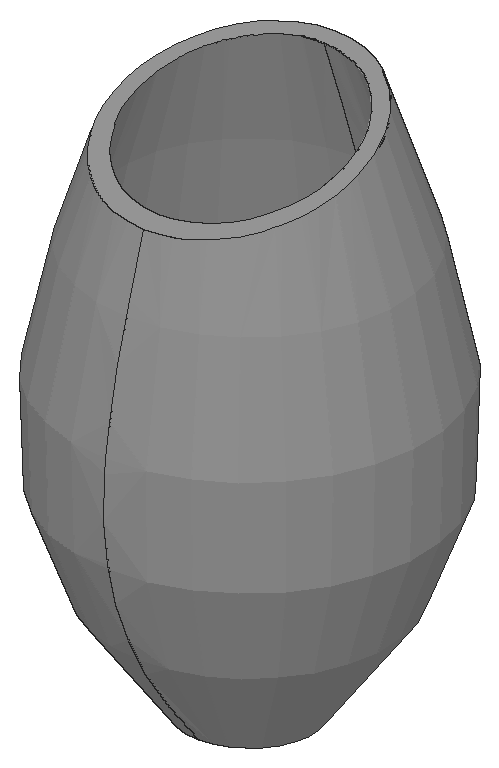
Revit family "«Нео» урна парковая", category Антураж, Revit 2017
Family settings
  На основе рабочей плоскости = Нет
  Всегда вертикально = Да
  При загрузке вырезать с полостями = Нет
  Источник визуального образа = Геометрия семейства
  Общий = Нет
  Точка расчета площади = Нет
Parameters (values of type "Парковая урна «Нео»")
  Стоимость = 20475
  Изготовитель = "ООО «Хоббика»"
  Высота = 0 mm
  URL = "https://hobbyka.ru/product/parkovaya_urna_neo/?sphrase_id=88643"
  ADSK_Размер_Ширина = 450 mm
  ADSK_Размер_Глубина = 450 mm
  ADSK_Размер_Высота = 600 mm
  ADSK_Объем = 52.00 m³
  ADSK_Наименование = "Парковая урна «Нео»"
  ADSK_Материал урны = Чугун, литейный
  ADSK_Масса = 70.00 kg
  ADSK_Код изделия = "9083"
Reference planes
  plane 1 "По центру (Вперед/Назад)": y = 0
  plane 2: z = 0
  plane 3 "По центру (Влево/Вправо)": x = 0
  plane 4: z = 1019.814
  plane 5: through (4267.2, -177.592, 658.835) normal (0, -0.2966, 0.955)
Forms (mm)
  Revolve 1, solid, material "Чугун, литейный" <- "ADSK_Материал урны"
    sketch origin (0, 0, 0) x (0, 1, 0) y (0, 0, 1)
      loop
        line (71.917, 13.846) -> (0, 13.846) -> (0, 0) -> (86.959, 0)
        spline (86.959, 0) -> (136.665, 61.077) -> (176.42, 118.834) -> (206.754, 174.384) -> (228.196, 228.839) -> (241.278, 283.311) -> (246.528, 338.911) -> (244.476, 396.753) -> (235.654, 457.947) -> (220.59, 523.607) -> (199.815, 594.843) -> (173.858, 672.77) -> (143.251, 758.497)
        line (143.251, 758.497) -> (124.173, 752.571) -> (124.457, 751.657)
        spline (124.457, 751.657) -> (154.937, 666.288) -> (180.685, 588.99) -> (201.174, 518.731) -> (215.916, 454.501) -> (224.459, 395.261) -> (226.435, 339.85) -> (221.465, 287.03) -> (209.045, 235.38) -> (188.595, 183.46) -> (159.381, 129.972) -> (120.697, 73.781) -> (71.917, 13.846)
      axis (0, 758.497) -> (0, 0)
    angle from 0 to 360
  Extrusion 2, void
    sketch origin (0, 0, 0) x (0, 1, 0) y (0, 0, 1)
      loop
        line (-231.846, 641.982) -> (227.617, 784.703) -> (189.053, 908.852) -> (-270.41, 766.131) -> (-231.846, 641.982)
    from -344.992 to 351.526
Cuts and joins
  Extrusion 2 cuts Revolve 1
Dimensions and locks
  plane 4 to plane 2 = 1019.814 mm
  aligned and locked: level to plane 2
